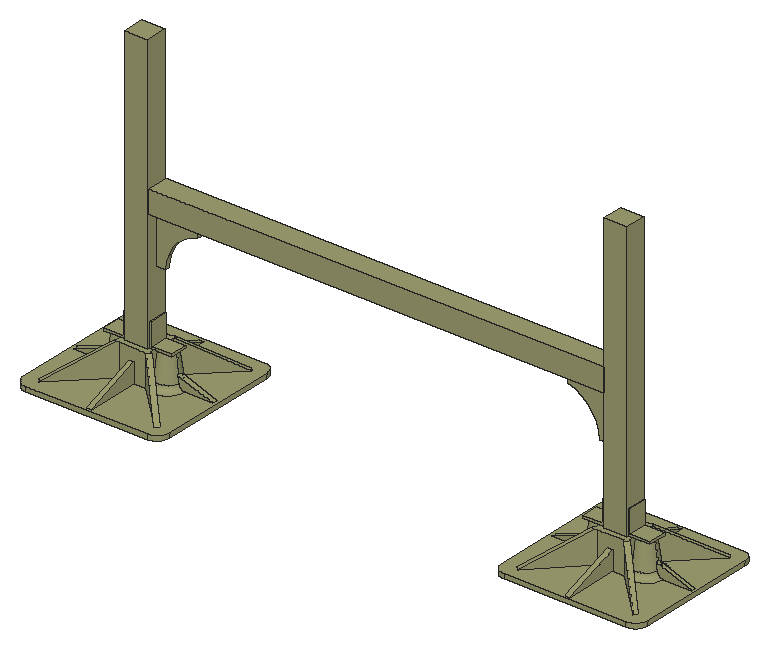
Revit family "DuctHangers_Roof_PHP_PHP-D", category Generic Models, Revit 2013
Parameters
  offset [instance] = 0 mm
  Warranty Duration (Years) = 0
  Unit Width [instance] = 1000 mm
  Unit Height = 76.2 mm
  Unit Depth = 457.2 mm
  URL = ""
  Support Type [instance] = Base_DS_Square : 12"
  Support Material = Duct Support
  Send Message = ""
  Revision = ""
  Model = ""
  Manufacturer = ""
  Maintenance Schedule (Months) = 0
  Keynote = ""
  Installation Phase = ""
  Expected Lifespan (Years) = 0
  Duct Base Height [instance] = 300 mm
  Drawn By = ""
  Description = ""
  Default Elevation = 0 mm
  Copyright = ""
  Assembly Code = ""
Reference planes
  plane 1 "Center (Front/Back)": y = 0
  plane 2 "Bottom": z = 0
  plane 3 "Center (Left/Right)": x = 0
  plane 4 "Front": y = -228.6
  plane 5 "Back": y = 228.6
  plane 6 "Left": x = -500
  plane 7 "Right": x = 500
  plane 8 "Top": z = 76.2
  plane 9: z = 31.707
  plane 10: z = 9.512
  plane 11: z = 376.2
  plane 12: z = 782.6
Dimensions and locks
  equal spacing: plane 5 "Back", plane 1 "Center (Front/Back)", plane 4 "Front"
  "Unit Depth": plane 5 "Back" to plane 4 "Front"
  equal spacing: plane 6 "Left", plane 3 "Center (Left/Right)", plane 7 "Right"
  "Unit Width": plane 6 "Left" to plane 7 "Right"
  "Unit Height": plane 8 "Top" to level
  "Duct Base Height": plane 11 to plane 8 "Top"
  plane 12 to plane 11 = 406.4 mm
  aligned and locked: plane 3 "Center (Left/Right)" to nested 3
  aligned and locked: plane 1 "Center (Front/Back)" to nested 3
  aligned and locked: plane 1 "Center (Front/Back)" to nested 1
  aligned and locked: plane 6 "Left" to nested 1
  aligned and locked: plane 1 "Center (Front/Back)" to nested 2
  aligned and locked: plane 7 "Right" to nested 2
Nested families
  nested 1: "Base_DS_Square" at (-500, 0, 0), type <- "Support Type", type "12""
  nested 2: "Base_DS_Square" at (500, 0, 0), type <- "Support Type", type "12""
  nested 3: "Support_D" at (0, 0, 76.2), Unit Width <- "Unit Width", Duct Base Height <- "Duct Base Height", type "Support_D"
    with offset 0 mm, Unit Width 1000 mm, Unit Height 579.4 mm, Material Duct Support, Duct Base Height 300 mm, Circle Width 917.45 mm, AAH 300 mm
Definition of nested family "Base_DS_Square"
  Parameters (values of type "12"")
    offset [instance] = 0 mm
    Warranty Duration (Years) = 0
    Unit Width = 304.8 mm
    Unit Height = 76.2 mm
    Unit Depth = 304.8 mm
    URL = "http://www.phpsd.com/"
    Test Data = "http://www.phpsd.com/test_data.htm"
    Specification = "http://www.arcat.com/sd/clients/portpipe.html?coid=38679"
    Send Message = "http://www.arcat.com/users.pl?action=UserEmail&company=PHP%20Systems/Design&coid=38679&rep=108&fax=713-672-7986&mf="
    Sales Information = "http://www.phpsd.com/quote_request.htm"
    Revision = "R1_03-2010"
    Product Properties = "http://www.arcat.com/bim/bim_info.pl?fn="
    Product Data = "http://www.arcat.com/arcatcos/cos38/arc38679.html"
    Model = "As Specified in 21 05 29"
    Material = none
    Manufacturer Website = "http://www.phpsd.com/"
    Manufacturer Phone - Toll Free = "800-797-6585 "
    Manufacturer Phone = "713-672-5088 "
    Manufacturer Fax = "713-672-7986"
    Manufacturer Address = "5534 Harvey Wilson Dr., Houston, TX 77020"
    Manufacturer = "PHP Systems"
    Maintenance Schedule (Months) = 0
    Keynote = "21 05 29"
    Installation-Fabrication = "http://www.phpsd.com/help_me_decide.htm"
    Installation Phase = ""
    Green Building-LEED = "http://www.arcat.com/green/clients/leed_data_38679.html"
    Expected Lifespan (Years) = 0
    Engineering Data = "http://www.phpsd.com/engineering_tables.htm"
    Drawn By = "Robert S. Weygant, CSI, CDT, SCIP"
    Description = "Rooftop Equipment as Specified in 21 05 29"
    Default Elevation = 1219.2 mm
    Copyright = "2010, ARCAT, Inc"
    Construction Details = "http://www.arcat.com/details/portpipe/portpipe.html?coid=38679"
    Assembly Code = "D3090700"
  Types (2, lengths in mm): name | Unit Width | Unit Depth | Material
    18" | 457.2 | 457.2 | Plastic - PHP - High Density Polypropylene - Black - UV Protected
    12" | 304.8 | 304.8 | none
  Reference planes
    plane 1 "Center (Front/Back)": y = 0
    plane 2 "Bottom": z = 0
    plane 3 "Center (Left/Right)": x = 0
    plane 4 "Front": y = -152.4
    plane 5 "Back": y = 152.4
    plane 6 "Left": x = -152.4
    plane 7 "Right": x = 152.4
    plane 8 "Top": z = 76.2
    plane 9: z = 31.707
    plane 10: z = 9.512
    plane 11 "Diag_TopRight": through (25.5, 25.5, 1219.2) normal (-0.7071, 0.7071, 0)
    plane 12 "Diag_TopLeft": through (-25.5, 25.5, 1219.2) normal (-0.7071, -0.7071, 0)
    plane 13: x = -47.494
    plane 14: x = 47.494
  Forms (mm)
    Extrusion 1, solid, material <- "Material"
      sketch origin (0, 0, 0) x (1, 0, 0) y (0, 1, 0)
        loop
          arc (-127, 152.4) -> (-144.961, 144.961) -> (-152.4, 127) r 25.4
          line (-152.4, 127) -> (-152.4, -127)
          arc (-152.4, -127) -> (-144.961, -144.961) -> (-127, -152.4) r 25.4
          line (-127, -152.4) -> (127, -152.4)
          arc (127, -152.4) -> (144.961, -144.961) -> (152.4, -127) r 25.4
          line (152.4, -127) -> (152.4, 127)
          arc (152.4, 127) -> (144.961, 144.961) -> (127, 152.4) r 25.4
          line (127, 152.4) -> (-127, 152.4)
      from 0 to 9.512
    Extrusion 2, solid, material <- "Material"
      sketch origin (141.287, -4572, 9.512) x (0, -1, 0) y (-1, 0, 0)
        loop
          line (-4537.344, 176.158) -> (-4606.656, 176.158) -> (-4606.656, 106.416) -> (-4537.344, 106.416) -> (-4537.344, 176.158)
      from 0 to -66.688
    Extrusion 3, solid, material <- "Material"
      sketch origin (0, 0, 0) x (0, 1, 0) y (0, 0, 1)
        loop
          line (146.05, 9.512) -> (34.656, 50.586) -> (34.656, 9.512) -> (146.05, 9.512)
      from -4.763 to 4.763
    Extrusion 4, solid, material <- "Material"
      sketch origin (0, 0, 0) x (0, 1, 0) y (0, 0, 1)
        loop
          line (-146.05, 9.512) -> (-34.656, 9.512) -> (-34.656, 50.586) -> (-146.05, 9.512)
      from -4.763 to 4.763
    Extrusion 5, solid, material <- "Material"
      sketch origin (0, 0, 0) x (0.707107, -0.707107, 0) y (0, 0, 1)
        loop
          line (-36.463, 9.512) -> (-36.463, 76.2) -> (-49.163, 76.2) -> (-174.585, 9.512) -> (-36.463, 9.512)
      from -4.763 to 4.763
    Extrusion 6, solid, material <- "Material"
      sketch origin (25.5, 25.5, 1219.2) x (-0.707107, -0.707107, 0) y (0, 0, -1)
        loop
          line (72.525, 1209.688) -> (72.525, 1143) -> (85.225, 1143) -> (210.647, 1209.688) -> (72.525, 1209.688)
      from -4.763 to 4.763
    Extrusion 7, solid, material <- "Material"
      sketch origin (25.5, 25.5, 1219.2) x (-0.707107, -0.707107, 0) y (0, 0, -1)
        loop
          line (-0.401, 1209.688) -> (-138.523, 1209.688) -> (-13.101, 1143) -> (-0.401, 1143) -> (-0.401, 1209.688)
      from -4.763 to 4.763
    Extrusion 8, solid, material <- "Material"
      sketch origin (-16.519, 16.519, 1219.2) x (0.707107, -0.707107, 0) y (0, 0, 1)
        loop
          line (59.825, -1209.688) -> (197.947, -1209.688) -> (72.525, -1143) -> (59.825, -1143) -> (59.825, -1209.688)
      from -4.763 to 4.763
    Extrusion 9, solid, material <- "Material"
      sketch origin (0, 0, 0) x (-1, 0, 0) y (0, 0, 1)
        loop
          line (146.05, 9.512) -> (34.656, 50.586) -> (34.656, 9.512) -> (146.05, 9.512)
      from -4.763 to 4.763
    Extrusion 10, solid, material <- "Material"
      sketch origin (0, 0, 0) x (-1, 0, 0) y (0, 0, 1)
        loop
          line (-146.05, 9.512) -> (-34.656, 9.512) -> (-34.656, 50.586) -> (-146.05, 9.512)
      from -4.763 to 4.763
    Revolve 11, solid, material <- "Material"
      sketch origin (27.133, -0.284, -2.024) x (1, 0, 0) y (0, 0, 1)
        loop
          line (-92.574, 78.224) -> (-100.847, 23.161)
          arc (-100.847, 23.161) -> (-105.441, 14.843) -> (-114.349, 11.536) r 13.653
          line (-114.349, 11.536) -> (-74.627, 11.536) -> (-74.627, 78.224) -> (-92.574, 78.224)
        axis (-74.627, 11.536) -> (-74.627, 78.224)
      angle from 0 to 360
    Revolve 12, solid, material <- "Material"
      sketch origin (-27.133, -0.284, -2.024) x (-1, 0, 0) y (0, 0, -1)
        loop
          line (-92.574, -78.224) -> (-74.627, -78.224) -> (-74.627, -11.536) -> (-114.349, -11.536)
          arc (-114.349, -11.536) -> (-105.441, -14.843) -> (-100.847, -23.161) r 13.653
          line (-100.847, -23.161) -> (-92.574, -78.224)
        axis (-74.627, -11.536) -> (-74.627, -78.224)
      angle from 0 to 360
  Cuts and joins
    joined: Extrusion 1, Extrusion 2, Extrusion 3, Extrusion 4, Extrusion 5, Extrusion 6, Extrusion 7, Extrusion 8
    joined: Extrusion 9, Revolve 11
    joined: Extrusion 10, Revolve 12
  Dimensions and locks
    equal spacing: plane 5 "Back", plane 1 "Center (Front/Back)", plane 4 "Front"
    "Unit Depth": plane 5 "Back" to plane 4 "Front"
    equal spacing: plane 6 "Left", plane 3 "Center (Left/Right)", plane 7 "Right"
    "Unit Width": plane 6 "Left" to plane 7 "Right"
    "Unit Height": plane 8 "Top" to level
    aligned and locked: Extrusion 1 to plane 10
    aligned and locked: plane 8 "Top" to Extrusion 2
  Automatic sketch dimensions
    Extrusion 1 sketch curve to plane 6 "Left" = 0 mm
    Extrusion 1 sketch curve to plane 4 "Front" = 0 mm
    Extrusion 1 sketch curve to plane 5 "Back" = 0 mm
    Extrusion 1 sketch curve to plane 11 "Diag_TopRight" = 0 mm
    plane 6 "Left" to Extrusion 1 sketch curve = 25.4 mm  (x2)
    Extrusion 1 sketch curve to plane 7 "Right" = 25.4 mm  (x2)
    Extrusion 2 sketch curve to plane 1 "Center (Front/Back)" = 34.656 mm
    plane 1 "Center (Front/Back)" to Extrusion 2 sketch curve = 34.656 mm
    Extrusion 2 sketch curve to plane 3 "Center (Left/Right)" = 34.871 mm
    plane 3 "Center (Left/Right)" to Extrusion 2 sketch curve = 34.871 mm
    Extrusion 3 sketch curve to plane 10 = 0 mm
    Extrusion 3 sketch curve to plane 1 "Center (Front/Back)" = 34.656 mm
    Extrusion 3 sketch curve to plane 5 "Back" = 6.35 mm
    Extrusion 3 sketch curve to plane 9 = 18.879 mm
    Extrusion 4 sketch curve to plane 10 = 0 mm
    plane 4 "Front" to Extrusion 4 sketch curve = 6.35 mm
    plane 1 "Center (Front/Back)" to Extrusion 4 sketch curve = 34.656 mm
    Extrusion 4 sketch curve to plane 9 = 18.879 mm
    Extrusion 5 sketch curve to plane 10 = 0 mm
    Extrusion 5 sketch curve to plane 8 "Top" = 0 mm
    Extrusion 5 sketch curve to plane 11 "Diag_TopRight" = 174.585 mm
    Extrusion 5 sketch curve to plane 11 "Diag_TopRight" = 49.163 mm
    Extrusion 5 sketch curve to plane 11 "Diag_TopRight" = 36.463 mm
    Extrusion 6 sketch curve to plane 10 = 0 mm
    Extrusion 6 sketch curve to plane 8 "Top" = 0 mm
    Extrusion 6 sketch curve to plane 12 "Diag_TopLeft" = 36.463 mm
    Extrusion 6 sketch curve to Extrusion 6 sketch curve = 12.7 mm
    Extrusion 6 sketch curve to Extrusion 6 sketch curve = 138.122 mm
    Extrusion 7 sketch curve to plane 10 = 0 mm
    Extrusion 7 sketch curve to plane 8 "Top" = 0 mm
    plane 12 "Diag_TopLeft" to Extrusion 7 sketch curve = 174.585 mm
    plane 12 "Diag_TopLeft" to Extrusion 7 sketch curve = 49.163 mm
    plane 12 "Diag_TopLeft" to Extrusion 7 sketch curve = 36.463 mm
    Extrusion 8 sketch curve to plane 10 = 0 mm
    Extrusion 8 sketch curve to plane 8 "Top" = 0 mm
    plane 11 "Diag_TopRight" to Extrusion 8 sketch curve = 36.463 mm
    Extrusion 8 sketch curve to Extrusion 8 sketch curve = 12.7 mm
    Extrusion 8 sketch curve to Extrusion 8 sketch curve = 138.122 mm
    Extrusion 9 sketch curve to plane 10 = 0 mm
    Extrusion 9 sketch curve to plane 3 "Center (Left/Right)" = 34.656 mm
    plane 6 "Left" to Extrusion 9 sketch curve = 6.35 mm
    Extrusion 9 sketch curve to plane 9 = 18.879 mm
    Extrusion 10 sketch curve to plane 10 = 0 mm
    Extrusion 10 sketch curve to plane 7 "Right" = 6.35 mm
    plane 3 "Center (Left/Right)" to Extrusion 10 sketch curve = 34.656 mm
    Extrusion 10 sketch curve to plane 9 = 18.879 mm
    Revolve 12 sketch curve to plane 10 = 0 mm  (x2)
    Revolve 12 sketch curve to plane 8 "Top" = 0 mm
    Revolve 12 sketch curve to plane 14 = 0 mm  (x2)
    plane 14 to Revolve 12 sketch curve = 17.947 mm
    plane 9 to Revolve 12 sketch curve = 10.571 mm
    plane 14 to Revolve 12 sketch curve = 26.22 mm
    plane 9 to Revolve 12 sketch curve = 8.542 mm
    Revolve 12 sketch curve to Revolve 12 sketch curve = 0 mm
    Revolve 12 sketch curve to plane 8 "Top" = 3.938 mm
    Revolve 12 sketch curve to level = 7.791 mm
    Revolve 11 sketch curve to plane 10 = 0 mm  (x2)
    Revolve 11 sketch curve to plane 8 "Top" = 0 mm
    Revolve 11 sketch curve to plane 13 = 0 mm  (x2)
    Revolve 11 sketch curve to plane 13 = 17.947 mm
    plane 9 to Revolve 11 sketch curve = 10.571 mm
    Revolve 11 sketch curve to plane 13 = 26.22 mm
    plane 9 to Revolve 11 sketch curve = 8.542 mm
    Revolve 11 sketch curve to Revolve 11 sketch curve = 0 mm
    Revolve 11 sketch curve to level = 7.791 mm
    Revolve 11 sketch curve to plane 8 "Top" = 3.938 mm
Definition of nested family "Support_D"
  Parameters (values of type "Support_D")
    offset [instance] = 0 mm
    Warranty Duration (Years) = 0
    Unit Width [instance] = 657.225 mm
    Unit Height [instance] = AAH + 279.4 mm  # 584.2 mm
    Unit Depth = 377.825 mm
    URL = "http://www.phpsd.com/"
    Test Data = "http://www.phpsd.com/test_data.htm"
    Specification = "http://www.arcat.com/sd/clients/portpipe.html?coid=38679"
    Send Message = "http://www.arcat.com/users.pl?action=UserEmail&company=PHP%20Systems/Design&coid=38679&rep=108&fax=713-672-7986&mf="
    Sales Information = "http://www.phpsd.com/quote_request.htm"
    Revision = "R1_03-2010"
    Product Properties = "http://www.arcat.com/bim/bim_info.pl?fn="
    Product Data = "http://www.arcat.com/arcatcos/cos38/arc38679.html"
    Model = "As Specified in 21 05 29"
    Material [instance] = Duct Support
    Manufacturer Website = "http://www.phpsd.com/"
    Manufacturer Phone - Toll Free = "800-797-6585 "
    Manufacturer Phone = "713-672-5088 "
    Manufacturer Fax = "713-672-7986"
    Manufacturer Address = "5534 Harvey Wilson Dr., Houston, TX 77020"
    Manufacturer = "PHP Systems"
    Maintenance Schedule (Months) = 0
    Keynote = "21 05 29"
    Installation-Fabrication = "http://www.phpsd.com/help_me_decide.htm"
    Installation Phase = ""
    Green Building-LEED = "http://www.arcat.com/green/clients/leed_data_38679.html"
    Expected Lifespan (Years) = 0
    Engineering Data = "http://www.phpsd.com/engineering_tables.htm"
    Drawn By = "Robert S. Weygant, CSI, CDT, SCIP"
    Description = "Rooftop Equipment as Specified in 21 05 29"
    Default Elevation = 1219.2 mm
    Copyright = "2010, ARCAT, Inc"
    Construction Details = "http://www.arcat.com/details/portpipe/portpipe.html?coid=38679"
    Circle Width [instance] = Unit Width - 82.55 mm  # 574.675 mm
    Assembly Code = "D3090700"
    Duct Base Height [instance] = 304.8 mm
    AAH [instance] = if(Duct Base Height > 215.9 mm, Duct Base Height, 215.9 mm)  # 304.8 mm
  Reference planes
    plane 1 "Center (Front/Back)": y = 0
    plane 2 "Bottom": z = 0
    plane 3 "Center (Left/Right)": x = 0
    plane 4 "Top": z = 280.988
    plane 5 "Adj Base": z = 257.175
    plane 6: x = -328.612
    plane 7: x = 328.613
    plane 8: x = -215.193
    plane 9: x = 215.193
    plane 10: z = 51.015
    plane 11 "Front": y = -22.225
    plane 12 "Back": y = 22.225
    plane 13 "lt": x = -352.378
    plane 14 "Rt": x = 352.378
    plane 15: z = 304.8
    plane 16: z = 584.2
  Forms (mm)
    Extrusion 1, solid, material "Duct Support" <- "Material", detail levels medium+fine
      sketch origin (0, 0, 0) x (1, 0, 0) y (0, 0, 1)
        loop
          line (-352.378, 51.015) -> (-357.114, 51.015) -> (-357.114, 4.679) -> (-398.873, 4.679) -> (-398.873, 0) -> (-352.378, 0) -> (-352.378, 51.015)
        loop
          line (-304.753, 51.015) -> (-304.753, 0) -> (-258.258, 0) -> (-258.258, 4.679) -> (-300.018, 4.679) -> (-300.018, 51.015) -> (-304.753, 51.015)
      from -19.05 to 19.05
    Extrusion 2, solid, material "Duct Support" <- "Material", detail levels medium+fine
      sketch origin (0, 0, 0) x (-1, 0, 0) y (0, 0, -1)
        loop
          line (-352.378, -51.015) -> (-352.378, 0) -> (-398.873, 0) -> (-398.873, -4.679) -> (-357.114, -4.679) -> (-357.114, -51.015) -> (-352.378, -51.015)
        loop
          line (-304.753, -51.015) -> (-300.018, -51.015) -> (-300.018, -4.679) -> (-258.258, -4.679) -> (-258.258, 0) -> (-304.753, 0) -> (-304.753, -51.015)
      from -19.05 to 19.05
    Extrusion 3, solid, material "Duct Support" <- "Material"
      sketch origin (0, 0, 0) x (1, 0, 0) y (0, 1, 0)
        loop
          line (-352.378, 22.225) -> (-352.378, -22.225) -> (-304.753, -22.225) -> (-304.753, 22.225) -> (-352.378, 22.225)
      from 0 to 584.2
    Extrusion 4, solid, material "Duct Support" <- "Material"
      sketch origin (0, 0, 0) x (1, 0, 0) y (0, 1, 0)
        loop
          line (352.378, 22.225) -> (304.753, 22.225) -> (304.753, -22.225) -> (352.378, -22.225) -> (352.378, 22.225)
      from 0 to 584.2
    Extrusion 5, solid, material "Duct Support" <- "Material"
      sketch origin (-93.116, -4572, 257.175) x (-1, 0, 0) y (0, -1, 0)
        loop
          line (211.637, -4594.225) -> (211.637, -4549.775) -> (-397.869, -4549.775) -> (-397.869, -4594.225) -> (211.637, -4594.225)
      from 0 to 47.625
    Extrusion 6, solid, material "Duct Support" <- "Material", detail levels medium+fine
      sketch origin (0, 0, 0) x (1, 0, 0) y (0, 0, 1)
        loop
          line (-215.193, 257.121) -> (-304.753, 257.121) -> (-304.753, 152.508) -> (-281.922, 152.508)
          arc (-281.922, 152.508) -> (-263.061, 205.545) -> (-215.193, 235.165) r 84.997
          line (-215.193, 235.165) -> (-215.193, 257.121)
      from 3.175 to -3.175
    Extrusion 7, solid, material "Duct Support" <- "Material", detail levels medium+fine
      sketch origin (0, 0, 0) x (-1, 0, 0) y (0, 0, -1)
        loop
          line (-215.193, -257.121) -> (-215.193, -235.165)
          arc (-215.193, -235.165) -> (-263.061, -205.545) -> (-281.922, -152.508) r 84.997
          line (-281.922, -152.508) -> (-304.753, -152.508) -> (-304.753, -257.121) -> (-215.193, -257.121)
      from 3.175 to -3.175
  Dimensions and locks
    "AAH": plane 15 to level
    locked: plane 4 "Top" to plane 5 "Adj Base" at 23.812
    equal spacing: plane 6, plane 3 "Center (Left/Right)", plane 7
    "Unit Width": plane 6 to plane 7
    locked: plane 9 to plane 7 at 113.419
    locked: plane 6 to plane 8 at 113.419
    locked: plane 10 to level at 51.015
    locked: plane 7 to plane 14 "Rt" at 23.766
    locked: plane 13 "lt" to plane 6 at 23.766
    locked: plane 15 to plane 4 "Top" at 23.812
    locked: plane 16 to plane 15 at 279.4
    aligned and locked: plane 16 to Extrusion 3
    aligned and locked: plane 16 to Extrusion 4
    aligned and locked: nested 1 to plane 3 "Center (Left/Right)"
    aligned and locked: nested 1 to plane 4 "Top"
    aligned and locked: nested 2 to plane 3 "Center (Left/Right)"
    aligned and locked: nested 2 to plane 4 "Top"
    aligned and locked: nested 3 to level
    aligned and locked: plane 6 to nested 3
    aligned and locked: nested 4 to level
    aligned and locked: plane 7 to nested 4
    aligned and locked: nested 6 to level
    aligned and locked: nested 5 to level
    aligned and locked: plane 7 to nested 5
    aligned and locked: plane 6 to nested 6
    aligned and locked: level to nested 8
    aligned and locked: level to nested 7
    aligned and locked: nested 7 to plane 1 "Center (Front/Back)"
    aligned and locked: nested 8 to plane 1 "Center (Front/Back)"
    aligned and locked: level to nested 9
    aligned and locked: level to nested 10
    aligned and locked: nested 9 to plane 1 "Center (Front/Back)"
    aligned and locked: nested 10 to plane 1 "Center (Front/Back)"
  Automatic sketch dimensions
    Extrusion 1 sketch curve to level = 0 mm  (x2)
    Extrusion 1 sketch curve to plane 10 = 0 mm  (x2)
    Extrusion 1 sketch curve to plane 13 "lt" = 46.495 mm
    Extrusion 1 sketch curve to plane 13 "lt" = 4.736 mm
    plane 13 "lt" to Extrusion 1 sketch curve = 0 mm
    plane 6 to Extrusion 1 sketch curve = 23.859 mm
    Extrusion 1 sketch curve to Extrusion 1 sketch curve = 4.736 mm
    Extrusion 1 sketch curve to Extrusion 1 sketch curve = 41.759 mm
    level to Extrusion 1 sketch curve = 4.679 mm  (x2)
    Extrusion 2 sketch curve to level = 0 mm  (x2)
    Extrusion 2 sketch curve to plane 10 = 0 mm  (x2)
    plane 14 "Rt" to Extrusion 2 sketch curve = 46.495 mm
    plane 14 "Rt" to Extrusion 2 sketch curve = 4.736 mm
    Extrusion 2 sketch curve to plane 14 "Rt" = 0 mm
    plane 7 to Extrusion 2 sketch curve = 23.859 mm
    Extrusion 2 sketch curve to Extrusion 2 sketch curve = 4.736 mm
    Extrusion 2 sketch curve to Extrusion 2 sketch curve = 41.759 mm
    Extrusion 2 sketch curve to Extrusion 2 sketch curve = 4.679 mm  (x2)
    Extrusion 5 sketch curve to plane 12 "Back" = 0 mm
    plane 14 "Rt" to Extrusion 5 sketch curve = 47.625 mm
    Extrusion 5 sketch curve to plane 11 "Front" = 0 mm
    plane 13 "lt" to Extrusion 5 sketch curve = 47.625 mm
    Extrusion 6 sketch curve to plane 8 = 0 mm
    plane 6 to Extrusion 6 sketch curve = 46.69 mm
    Extrusion 6 sketch curve to plane 5 "Adj Base" = 0.054 mm
    plane 6 to Extrusion 6 sketch curve = 23.859 mm
    Extrusion 6 sketch curve to plane 8 = 18.268 mm
    Extrusion 6 sketch curve to Extrusion 6 sketch curve = 21.956 mm
    Extrusion 6 sketch curve to plane 5 "Adj Base" = 104.667 mm
    Extrusion 7 sketch curve to plane 9 = 0 mm
    plane 7 to Extrusion 7 sketch curve = 46.69 mm
    plane 5 "Adj Base" to Extrusion 7 sketch curve = 0.054 mm
    plane 7 to Extrusion 7 sketch curve = 23.859 mm
    Extrusion 7 sketch curve to plane 9 = 18.268 mm
    Extrusion 7 sketch curve to Extrusion 7 sketch curve = 21.956 mm
    plane 5 "Adj Base" to Extrusion 7 sketch curve = 104.667 mm
    Extrusion 4 sketch curve to plane 12 "Back" = 0 mm
    Extrusion 4 sketch curve to plane 11 "Front" = 0 mm
    Extrusion 4 sketch curve to plane 14 "Rt" = 0 mm
    Extrusion 4 sketch curve to plane 7 = 23.859 mm
    Extrusion 3 sketch curve to plane 11 "Front" = 0 mm
    Extrusion 3 sketch curve to plane 13 "lt" = 0 mm
    Extrusion 3 sketch curve to plane 12 "Back" = 0 mm
    plane 6 to Extrusion 3 sketch curve = 23.859 mm
  Nested families
    nested 1: "Circles" at (287.338, -22.225, 280.987) x (-1, 0, 0) z (0, 1, 0), Length <- "Circle Width", type "Circles"
      with Number 12, Length 574.675 mm
    nested 2: "Circles" at (287.338, 22.225, 280.987) x (-1, 0, 0) z (0, 1, 0), Length <- "Circle Width", type "Circles"
      with Number 12, Length 574.675 mm
    nested 3: "Circles" at (-328.613, -22.225, 584.2) x (0, 0, -1) z (0, 1, 0), Length <- "Unit Height", type "Circles"
      with Number 12, Length 584.2 mm
    nested 4: "Circles" at (328.612, -22.225, 584.2) x (0, 0, -1) z (0, 1, 0), Length <- "Unit Height", type "Circles"
      with Number 12, Length 584.2 mm
    nested 5: "Circles" at (328.612, 22.225, 584.2) x (0, 0, -1) z (0, 1, 0), Length <- "Unit Height", type "Circles"
      with Number 12, Length 584.2 mm
    nested 6: "Circles" at (-328.613, 22.225, 584.2) x (0, 0, -1) z (0, 1, 0), Length <- "Unit Height", type "Circles"
      with Number 12, Length 584.2 mm
    nested 7: "Circles" at (352.378, 0, 0) x (0, 0, 1) z (1, 0, 0), Length <- "Unit Height", type "Circles"
      with Number 12, Length 584.2 mm
    nested 8: "Circles" at (-352.378, 0, 0) x (0, 0, 1) z (1, 0, 0), Length <- "Unit Height", type "Circles"
      with Number 12, Length 584.2 mm
    nested 9: "Circles" at (304.753, 0, 0) x (0, 0, 1) z (1, 0, 0), Length <- "Unit Height", type "Circles"
      with Number 12, Length 584.2 mm
    nested 10: "Circles" at (-304.753, 0, 0) x (0, 0, 1) z (1, 0, 0), Length <- "Unit Height", type "Circles"
      with Number 12, Length 584.2 mm
  Definition of nested family "Circles"
    Parameters
      Number [instance] = Length / 47.625 mm  # 13
      Length [instance] = 609.6 mm
      Default Elevation = 1219.2 mm
    Reference planes
      plane 1 "Center (Front/Back)": y = 0
      plane 2: z = 0
      plane 3 "Left": x = 0
      plane 4: x = 609.6
      plane 5 "Center (Left/Right)": x = 304.8
    Lines and regions (mm)
      model lines, style "Duct Supports", detail levels fine
        curve 1: circle (19.05, 0, 0) r 6.35 normal (0, 0, -1)
        curve 2: circle (590.55, 0, 0) r 6.35 normal (0, 0, -1)
        curve 3: circle (66.675, 0, 0) r 6.35 normal (0, 0, -1)
        curve 4: circle (114.3, 0, 0) r 6.35 normal (0, 0, -1)
        curve 5: circle (161.925, 0, 0) r 6.35 normal (0, 0, -1)
        curve 6: circle (209.55, 0, 0) r 6.35 normal (0, 0, -1)
        curve 7: circle (257.175, 0, 0) r 6.35 normal (0, 0, -1)
        curve 8: circle (304.8, 0, 0) r 6.35 normal (0, 0, -1)
        curve 9: circle (352.425, 0, 0) r 6.35 normal (0, 0, -1)
        curve 10: circle (400.05, 0, 0) r 6.35 normal (0, 0, -1)
        curve 11: circle (447.675, 0, 0) r 6.35 normal (0, 0, -1)
        curve 12: circle (495.3, 0, 0) r 6.35 normal (0, 0, -1)
        curve 13: circle (542.925, 0, 0) r 6.35 normal (0, 0, -1)
    Dimensions and locks
      "Length": plane 3 "Left" to plane 4
      equal spacing: group 1, group 3, group 4, group 5, group 6, group 7, group 8, group 9, group 10, group 11, group 12, group 13, group 2  (x3)
      locked: plane 3 "Left" to curve 1 at 12.7
      locked: curve 2 to plane 4 at 12.7
      equal spacing: plane 3 "Left", plane 5 "Center (Left/Right)", plane 4
